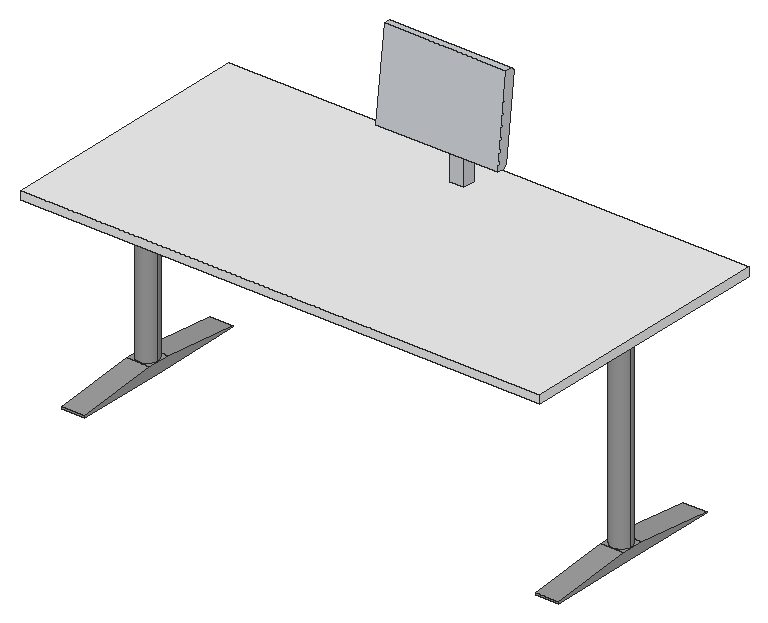
Revit family "Office Desk", category Furniture, Revit 2015
Parameters (values of type "180x90")
  Screen [instance] = yes
  Material Plate [instance] = White
  Material Base [instance] = Stainless Steel
  Height = 720 mm
  Divider [instance] = no
  Depth = 900 mm
  Width = 1800 mm
  Assembly Code = ""
Types (2, lengths in mm): name | Depth | Width
  160x80cm | 800 | 1600
  180x90 | 900 | 1800
Reference planes
  plane 1 "Center (Front/Back)": y = 0
  plane 2: z = 0
  plane 3 "Center (Left/Right)": x = -190
  plane 4 "Tableheight": z = 720
  plane 5 "Left": x = -1090
  plane 6: x = 710
  plane 7: y = 450
  plane 8: y = -450
  plane 9: x = -1010
  plane 10: x = 630
Forms (mm)
  Extrusion 1, solid, material "White" <- "Material Plate"
    sketch origin (48.853, -30.184, 720) x (-1, 0, 0) y (0, -1, 0)
      loop
        line (1138.853, 419.816) -> (-661.147, 419.816) -> (-661.147, -480.184) -> (1138.853, -480.184) -> (1138.853, 419.816)
    from 0 to -30
  Extrusion 2, solid, material "Stainless Steel" <- "Material Base"
    sketch origin (-1000, 1.534, 0) x (0, 1, 0) y (0, 0, 1)
      loop
        line (40, 35) -> (-40, 35) -> (-321.534, 5.732) -> (-321.534, 0) -> (0, 0) -> (318.466, 0) -> (318.466, 5.732) -> (40, 35)
    from -50 to 30
  Extrusion 3, solid, material "Stainless Steel" <- "Material Base"
    sketch origin (-300, 0, 0) x (1, 0, 0) y (0, 1, 0)
      loop
        circle (-710, 0) r 35
    from 35 to 690
  Extrusion 4, solid, material "Stainless Steel" <- "Material Base"
    sketch origin (520, 0, 0) x (0, -1, 0) y (0, 0, 1)
      loop
        line (-40, 35) -> (-318.466, 5.732) -> (-318.466, 0) -> (0, 0) -> (318.466, 0) -> (318.466, 5.732) -> (40, 35) -> (-40, 35)
    from -150 to -70
  Extrusion 5, solid, material "Stainless Steel" <- "Material Base"
    sketch origin (-180, 0, 0) x (-1, 0, 0) y (0, -1, 0)
      loop
        circle (-810, 0) r 35
    from 35 to 690
  Extrusion 6, solid, material "White" <- "Material Plate", visible <- "Divider"
    sketch origin (48.853, -30.184, 720) x (-1, 0, 0) y (0, -1, 0)
      loop
        line (1138.853, -480.184) -> (1138.853, -455.184) -> (-661.147, -455.184) -> (-661.147, -480.184) -> (1138.853, -480.184)
    from 0 to 400
Dimensions and locks
  "Width": plane 5 "Left" to plane 6
  equal spacing: plane 5 "Left", plane 3 "Center (Left/Right)", plane 6
  "Depth": plane 7 to plane 8
  equal spacing: Extrusion 2, plane 9, Extrusion 2, locked at 40 each
  locked: plane 5 "Left" to plane 9 at 80
  equal spacing: Extrusion 4, plane 10, Extrusion 4, locked at 40 each
  locked: plane 10 to plane 6 at 80
  equal spacing: Extrusion 2, plane 1 "Center (Front/Back)", Extrusion 2
  equal spacing: plane 7, plane 1 "Center (Front/Back)", plane 8
  locked: plane 7 to nested 1 at 180
  "Height": plane 4 "Tableheight" to level
  aligned: plane 5 "Left" to Extrusion 1
  aligned and locked: plane 6 to Extrusion 1
  aligned: Extrusion 1 to plane 5 "Left"
  aligned and locked: Extrusion 1 to plane 6
  aligned and locked: plane 7 to Extrusion 1
  aligned and locked: Extrusion 1 to plane 8
  aligned and locked: Extrusion 1 to plane 5 "Left"
  aligned and locked: plane 3 "Center (Left/Right)" to nested 1
  aligned and locked: Extrusion 5 to Extrusion 1
  aligned and locked: Extrusion 3 to Extrusion 1
  aligned and locked: Extrusion 1 to nested 1
  aligned and locked: Extrusion 6 sketch curve to plane 6
Automatic sketch dimensions
  Extrusion 2 sketch curve to Extrusion 2 sketch curve = 281.534 mm
  Extrusion 2 sketch curve to Extrusion 2 sketch curve = 40 mm  (x2)
  Extrusion 2 sketch curve to Extrusion 2 sketch curve = 278.466 mm
  Extrusion 2 sketch curve to Extrusion 2 sketch curve = 5.732 mm  (x2)
  Extrusion 2 sketch curve to Extrusion 2 sketch curve = 35 mm
  Extrusion 4 sketch curve to Extrusion 4 sketch curve = 278.466 mm  (x2)
  Extrusion 4 sketch curve to Extrusion 4 sketch curve = 40 mm  (x2)
  Extrusion 4 sketch curve to Extrusion 4 sketch curve = 5.732 mm  (x2)
  Extrusion 4 sketch curve to Extrusion 4 sketch curve = 35 mm
  Extrusion 1 sketch curve to plane 6 = 0 mm
  plane 5 "Left" to Extrusion 1 sketch curve = 0 mm
  plane 7 to Extrusion 1 sketch curve = 0 mm
  Extrusion 1 sketch curve to plane 8 = 0 mm
  Extrusion 2 sketch curve to level = 0 mm
  Extrusion 2 sketch curve to plane 1 "Center (Front/Back)" = 1.534 mm
  plane 1 "Center (Front/Back)" to Extrusion 3 sketch curve = 0 mm
  Extrusion 3 sketch curve to plane 9 = 0 mm
  Extrusion 4 sketch curve to level = 0 mm
  Extrusion 4 sketch curve to plane 1 "Center (Front/Back)" = 0 mm
  plane 1 "Center (Front/Back)" to Extrusion 5 sketch curve = 0 mm
  Extrusion 5 sketch curve to plane 10 = 0 mm
  Extrusion 6 sketch curve to plane 5 "Left" = 0 mm
  Extrusion 6 sketch curve to plane 7 = 0 mm
  Extrusion 6 sketch curve to Extrusion 6 sketch curve = 25 mm
  radius of Extrusion 3 sketch curve = 35 mm
  radius of Extrusion 5 sketch curve = 35 mm
Nested families
  nested 1: "Computerscreen" at (-190, 270, 0), visible <- "Screen", type "Computerscreen"
    with table height 720 mm
Definition of nested family "Computerscreen"
  Parameters
    table height [instance] = 720 mm
    material = none
  Reference planes
    plane 1 "Center (Front/Back)": y = 0
    plane 2: z = 0
    plane 3 "Center (Left/Right)": x = 0
    plane 4 "Table height": z = 720
  Forms (mm)
    Extrusion 1, solid
      sketch origin (-25, 0, 0) x (0, 1, 0) y (0, 0, 1)
        loop
          line (0, 1027.5) -> (0, 975.179) -> (12.755, 975.179)
          arc (12.755, 975.179) -> (17.084, 974.704) -> (21.208, 973.305) r 20
          line (21.208, 973.305) -> (32.831, 967.885)
          arc (32.831, 967.885) -> (41.246, 960.505) -> (44.378, 949.759) r 20
          line (44.378, 949.759) -> (44.378, 720) -> (84.378, 720) -> (84.378, 989.401)
          arc (84.378, 989.401) -> (81.246, 1000.147) -> (72.831, 1007.528) r 20
          line (72.831, 1007.528) -> (34.018, 1025.626)
          arc (34.018, 1025.626) -> (29.895, 1027.026) -> (25.566, 1027.5) r 20
          line (25.566, 1027.5) -> (0, 1027.5)
      from 0 to 50
    Extrusion 2, solid
      sketch origin (-210, -128.635, -30.513) x (0, 0.992546, -0.121869) y (0, 0.121869, 0.992546)
        loop
          line (-25, 1205.68) -> (-25, 904.467) -> (0, 904.467) -> (10.607, 915.074) -> (10.607, 1195.074) -> (0, 1205.68) -> (-25, 1205.68)
      from 0 to 420
  Dimensions and locks
    "table height": plane 4 "Table height" to level
    aligned: plane 4 "Table height" to Extrusion 1 sketch curve
  Automatic sketch dimensions
    plane 1 "Center (Front/Back)" to Extrusion 2 sketch curve = 43.222 mm
    plane 4 "Table height" to Extrusion 2 sketch curve = 150.259 mm
    Extrusion 2 sketch curve to Extrusion 2 sketch curve = 25 mm  (x2)
    Extrusion 2 sketch curve to Extrusion 2 sketch curve = 10.607 mm  (x3)
    Extrusion 2 sketch curve to Extrusion 2 sketch curve = 280 mm
    Extrusion 1 sketch curve to plane 1 "Center (Front/Back)" = 0 mm
    Extrusion 1 sketch curve to plane 4 "Table height" = 0 mm
    Extrusion 1 sketch curve to Extrusion 1 sketch curve = 12.755 mm
    Extrusion 1 sketch curve to Extrusion 1 sketch curve = 8.452 mm  (x3)
    Extrusion 1 sketch curve to Extrusion 1 sketch curve = 11.623 mm  (x2)
    Extrusion 1 sketch curve to Extrusion 1 sketch curve = 25.566 mm
    Extrusion 1 sketch curve to plane 1 "Center (Front/Back)" = 44.378 mm
    Extrusion 1 sketch curve to Extrusion 1 sketch curve = 31.548 mm
    Extrusion 1 sketch curve to Extrusion 1 sketch curve = 40 mm
    plane 4 "Table height" to Extrusion 1 sketch curve = 229.759 mm
    Extrusion 1 sketch curve to Extrusion 1 sketch curve = 5.42 mm  (x2)
    Extrusion 1 sketch curve to Extrusion 1 sketch curve = 21.517 mm
    Extrusion 1 sketch curve to Extrusion 1 sketch curve = 34.195 mm
    Extrusion 1 sketch curve to Extrusion 1 sketch curve = 18.126 mm
